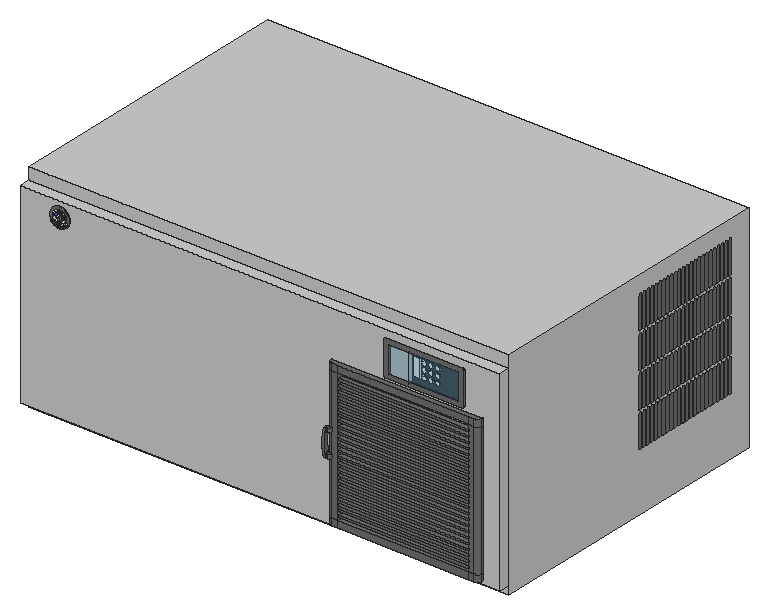
Revit family "QF_HOSHIZAKI_IM-240DPE_251030082052", category Specialty Equipment, Revit 2021
Family settings
  Round Connector Dimension = Use Diameter
  Part Type = Normal
  OmniClass Number = 23.40.40.14
  OmniClass Title = Food Service Equipment
  Work Plane-Based = No
  Always vertical = Yes
  Cut with Voids When Loaded = No
  Shared = No
  Room Calculation Point = No
Parameters (values of type "M120")
  Weight [instance] = 82.00 kg
  Waste Water Discharge Temperature [instance] = 0 °C
  Waste Remarks [instance] = ""
  Warranty Start Date [instance] = ""
  Warranty Duration [instance] = ""
  Volts [instance] = 230 V
  Volt Free Conn [instance] = no
  URL Recommended Spares List [instance] = ""
  URL Manufacturer [instance] = ""
  URL Cutsheet [instance] = ""
  URL Critical Spares List [instance] = ""
  URL = "www.hoshizaki-europe.com"
  Technical Documentation [instance] = ""
  Tag Number [instance] = ""
  Status [instance] = ""
  Start Up Current [instance] = 0 A
  Specification by User [instance] = ""
  Specification by Manufacturer [instance] = ""
  Sound Level [instance] = ""
  Show Logo [instance] = yes
  Show Clearances [instance] = yes
  Service Life Duration [instance] = ""
  Serial Number [instance] = ""
  Seismic Rating [instance] = ""
  SMACNA No [instance] = ""
  Revision Code [instance] = ""
  Revision [instance] = ""
  Production Year [instance] = ""
  Potential Equalisation [instance] = no
  Point Load [instance] = 0
  Plumbing Remarks [instance] = ""
  Plumbing Connection Type [instance] = ""
  Phase [instance] = 1
  Other Equipment Approvals [instance] = ""
  Operational Current [instance] = 0 A
  Odor Trap Included [instance] = no
  Number of Poles [instance] = 2
  No Load Power Draw [instance] = no
  National Water Regulation Certification [instance] = no
  NAFEM Spec ID Number [instance] = ""
  Model Warning [instance] = ""
  Model = "IM-240DPE"
  Min Ckt Ampacity [instance] = 0 A
  Max Overcurrent Protection [instance] = 16 A
  Masterspec [instance] = ""
  Manufacturer = "HOSHIZAKI"
  Main switch integrated [instance] = no
  Length Actual [instance] = 1084 mm
  Item Number [instance] = ""
  Installed By [instance] = ""
  Installation Date [instance] = ""
  Indirect Waste Size [instance] = 19.05 mm
  Indirect Waste Remarks [instance] = ""
  Indirect Waste Flow [instance] = 0.0 L/s
  Indirect Waste Connection Type [instance] = ""
  Indirect Waste Connection Height [instance] = 0 mm
  Identify Quantity as Lot [instance] = no
  ID [instance] = ""
  Hygiene Approval [instance] = ""
  Height Actual [instance] = 500 mm
  HP power [instance] = ""
  Furnished By [instance] = ""
  Foodservice Equipment Identifier [instance] = no
  FL Amps [instance] = 3.67 A
  Electrical Remarks [instance] = "Plug not included"
  Electric power [instance] = 840 W
  Electric Connection Type [instance] = "Cord&Plug"
  Elec Conn RI Height [instance] = 0 mm
  Elec Conn Connection Height [instance] = 0 mm
  ETL Approved [instance] = no
  Direct Waste Water Discharge Temperature [instance] = -273.15 °C
  Direct Waste Size [instance] = 19.05 mm
  Direct Waste RI Height [instance] = 0 mm
  Direct Waste Flow [instance] = 0.0 L/s
  Direct Waste Connection Height [instance] = 0 mm
  Description = "CUBE MODEL IS A MODULAR AND STACKABLE ICE MAKER PRODUCING UP TO 210 KG OF CUBE ICE PER 24 HOURS. THIS MODEL IS COMPATIBLE WITH HOSHIZAKI STORAGE BINS"
  Depth Actual [instance] = 700 mm
  Default Elevation = 0 mm
  Cycle [instance] = 50 Hz
  Cost = 7035
  Connection to energy optimisation system [instance] = yes
  Conn Plug [instance] = ""
  Conn Conduit [instance] = no
  Cold Water Temperature Recommended [instance] = 0 °C
  Cold Water Size [instance] = 19.05 mm
  Cold Water Remarks [instance] = ""
  Cold Water RI Height [instance] = 0 mm
  Cold Water Quality [instance] = ""
  Cold Water Minimum Pressure [instance] = 200000.0 Pa
  Cold Water Maximum Pressure [instance] = 600000.0 Pa
  Cold Water Flow [instance] = 0.0 L/s
  Cold Water Connection Type [instance] = ""
  Cold Water Connection Height [instance] = 0 mm
  Centralized building control system with digital interface [instance] = ""
  CSI MasterFormat [instance] = ""
  CE Approved [instance] = no
  Barcode [instance] = 0
  Author [instance] = ""
  Asset Identifier [instance] = ""
  Apparent Power [instance] = 840 VA
  Accessory [instance] = no
Reference planes
  plane 1 "Center (Front/Back)": y = 0
  plane 2: z = 0
  plane 3 "Center (Left/Right)": x = 0
Forms (mm)
  Extrusion 1, solid, not visible
    sketch origin (48.002, -2, 388.019) x (1, 0, 0) y (0, 1, 0)
      loop
        line (-2, 2) -> (-2, -2) -> (2, -2) -> (2, 2) -> (-2, 2)
    from -2 to 2
  Extrusion 2, solid, not visible
    sketch origin (70.003, -2, 52.003) x (1, 0, 0) y (0, 1, 0)
      loop
        line (-2, 2) -> (-2, -2) -> (2, -2) -> (2, 2) -> (-2, 2)
    from -2 to 2
  Extrusion 3, solid, not visible
    sketch origin (1040.051, -2, 374.018) x (1, 0, 0) y (0, 1, 0)
      loop
        line (-2, 2) -> (-2, -2) -> (2, -2) -> (2, 2) -> (-2, 2)
    from -2 to 2
Dimensions and locks
  locked: Extrusion 1 to nested 2
  locked: nested 2 to Extrusion 1 at 2
  locked: Extrusion 2 to nested 3
  locked: nested 3 to Extrusion 2 at 2
  locked: Extrusion 3 to nested 4
  locked: nested 4 to Extrusion 3 at 2
  aligned and locked: level to plane 2
Nested families
  nested 1: "QF_HOSHIZAKI_IM-240DPE_2920" at (0, 0, 0), type "M120"
    with Weight 82.00 kg, Warranty Start Date "", Warranty Duration "", URL Cutsheet "", Technical Documentation "", Tag Number "", Status "", Specification by User "", Specification by Manufacturer "", Sound Level "", Solid Fuel Type "", Show Logo yes, Show Clearances yes, Service Life Duration "", Serial Number "", Seismic Rating "", SMACNA No "", Revision Code "", Revision "", Production Year "", Point Load 0, Other Equipment Approvals "", NAFEM Spec ID Number "", Model Warning "", Masterspec "", Length Actual 1084 mm, Item Number "", Installed By "", Installation Date "", Identify Quantity as Lot yes, ID "", Hygiene Approval "", Height Actual 500 mm, Furnished By "", Foodservice Equipment Identifier yes, ETL Approved yes, Depth Actual 700 mm, CSI MasterFormat "", CE Approved yes, Barcode "", Asset Identifier "", Accessory no
  nested 2: "CONN_POINT_COLDWATER_2D___Generic_Annotation" at (48.002, 0, 388.019), type "CONN_POINT_COLDWATER_2D___Generic_Annotation"
    with Onboard connection annotation symbol visibility yes
  nested 3: "CONN_POINT_DRAIN_2D___Generic_Annotation" at (70.003, 0, 52.003), type "CONN_POINT_DRAIN_2D___Generic_Annotation"
    with Onboard connection annotation symbol visibility yes
  nested 4: "CONN_POINT_ELE_2D___Generic_Annotation" at (1040.051, 0, 374.018), type "CONN_POINT_ELE_2D___Generic_Annotation"
    with Onboard connection annotation symbol visibility yes
Connectors
  piping at (48.002, 0, 388.019), diameter 19.05, driven by "Cold Water Size", driven by "Cold Water Flow"
    settings: on Extrusion 1, index 1, connector inside diameter 609.6 mm, connector length 0 mm, flow factor 0, pipe flow 0.0 L/s, pressure drop 0.0 Pa, fitting loss kfactor 0, connector angle 0.00°, fixture units 0, engagement length 0 mm, angle of deflection 0.00°, flow configuration 1, flow direction 1, fitting loss method 0, system type 20, joint type 0, gender type 0, connector reference index -1, connector utility 0, adjustable connector no, is connector primary yes, connector description "Cold Water connection for IM-240DPE"
  piping at (70.003, 0, 52.003), diameter 19.05, driven by "Indirect Waste Size", driven by "Direct Waste Flow"
    settings: on Extrusion 2, index 2, connector inside diameter 609.6 mm, connector length 0 mm, flow factor 0, pipe flow 0.0 L/s, pressure drop 0.0 Pa, fitting loss kfactor 0, connector angle 0.00°, fixture units 0, engagement length 0 mm, angle of deflection 0.00°, flow configuration 1, flow direction 2, fitting loss method 0, system type 16, joint type 0, gender type 0, connector reference index -1, connector utility 0, adjustable connector no, is connector primary no, connector description "Waste connection for IM-240DPE"
  electrical at (1040.051, 0, 374.018), driven by "Apparent Power", driven by "Number of Poles", driven by "Volts"
    settings: on Extrusion 3, index 3, voltage 230 V, apparent load 0 VA, apparent load phase1 840 VA, apparent load phase2 0 VA, apparent load phase3 0 VA, power factor 1, load classification "Other", number of poles 2, system type 31, power factor state 1, is connector primary yes, connector utility no, sub classification motor no, connector description "Electrical connection for IM-240DPE"
Definition of nested family "QF_HOSHIZAKI_IM-240DPE_2920"
  Parameters (values of type "M120-D002")
    Weight [instance] = 0.00 kg
    Warranty Start Date [instance] = ""
    Warranty Duration [instance] = ""
    URL Cutsheet [instance] = ""
    URL = "www.hoshizaki-europe.com"
    Technical Documentation [instance] = ""
    Tag Number [instance] = ""
    Status [instance] = ""
    Specification by User [instance] = ""
    Specification by Manufacturer [instance] = ""
    Sound Level [instance] = ""
    Solid Fuel Type [instance] = ""
    Show Logo [instance] = yes
    Show Clearances [instance] = yes
    Service Life Duration [instance] = ""
    Serial Number [instance] = ""
    Seismic Rating [instance] = ""
    SMACNA No [instance] = ""
    Revision Code [instance] = ""
    Revision [instance] = ""
    Production Year [instance] = ""
    Point Load [instance] = 0
    Other Equipment Approvals [instance] = ""
    NAFEM Spec ID Number [instance] = ""
    Model Warning [instance] = ""
    Model = "IM-240DPE-23"
    Masterspec [instance] = ""
    Manufacturer = "HOSHIZAKI"
    Length Actual [instance] = 0 mm
    Item Number [instance] = ""
    Installed By [instance] = ""
    Installation Date [instance] = ""
    Identify Quantity as Lot [instance] = yes
    ID [instance] = ""
    Hygiene Approval [instance] = ""
    Height Actual [instance] = 0 mm
    Furnished By [instance] = ""
    Foodservice Equipment Identifier [instance] = yes
    ETL Approved [instance] = yes
    Description = "CUBE MODEL IS A MODULAR AND STACKABLE ICE MAKER PRODUCING UP TO 180 KG OF CUBE ICE PER 24 HOURS. THIS MODEL IS COMPATIBLE WITH HOSHIZAKI STORAGE BINS"
    Depth Actual [instance] = 0 mm
    Default Elevation = 0 mm
    CSI MasterFormat [instance] = ""
    CE Approved [instance] = yes
    Barcode [instance] = ""
    Author = "SPECIFI"
    Asset Identifier [instance] = ""
    Assembly Code = "E1090320"
    Accessory [instance] = yes
  Types (12, lengths in mm): name | Model | Description
    M120 | "IM-240DPE" | "CUBE MODEL IS A MODULAR AND STACKABLE ICE MAKER PRODUCING UP TO 210 KG OF CUBE ICE PER 24 HOURS. THIS MODEL IS COMPATIBLE WITH HOSHIZAKI STORAGE BINS"
    M120-D001 | "IM-240XPE" | "CUBE MODEL IS A MODULAR AND STACKABLE (EXTENSION) ICE MAKER PRODUCING UP TO 210 KG OF CUBE ICE PER 24 HOURS. THIS MODEL IS COMPATIBLE WITH HOSHIZAKI STORAGE BINS"
    M120-D002 | "IM-240DPE-23" | "CUBE MODEL IS A MODULAR AND STACKABLE ICE MAKER PRODUCING UP TO 180 KG OF CUBE ICE PER 24 HOURS. THIS MODEL IS COMPATIBLE WITH HOSHIZAKI STORAGE BINS"
    M120-D003 | "IM-240DPE-32" | "CUBE MODEL IS A MODULAR AND STACKABLE ICE MAKER PRODUCING UP TO 190 KG OF CUBE ICE PER 24 HOURS. THIS MODEL IS COMPATIBLE WITH HOSHIZAKI STORAGE BINS"
    M120-D004 | "IM-240XPE-23" | "CUBE MODEL IS A MODULAR AND STACKABLE (EXTENSION) ICE MAKER PRODUCING UP TO 180 KG OF CUBE ICE PER 24 HOURS. THIS MODEL IS COMPATIBLE WITH HOSHIZAKI STORAGE BINS"
    M120-D005 | "IM-240XPE-32" | "CUBE MODEL IS A MODULAR AND STACKABLE (EXTENSION) ICE MAKER PRODUCING UP TO 190 KG OF CUBE ICE PER 24 HOURS. THIS MODEL IS COMPATIBLE WITH HOSHIZAKI STORAGE BINS"
    M120-D200 | "IM-240DPE-U" | "ULTRACUBE MODEL IS A MODULAR AND STACKABLE ICE MAKER WITH UVC SANITIZATION FUNCTION PRODUCING UP TO 210 KG OF CUBE ICE PER 24 HOURS. THIS MODEL IS COMPATIBLE WITH HOSHIZAKI STORAGE BINS"
    M120-D201 | "IM-240XPE-U" | "ULTRACUBE MODEL IS A MODULAR AND STACKABLE (EXTENSION) ICE MAKER WITH UVC SANITIZATION FUNCTION PRODUCING UP TO 210 KG OF CUBE ICE PER 24 HOURS. THIS MODEL IS COMPATIBLE WITH HOSHIZAKI STORAGE BINS"
    M120-D202 | "IM-240DPE-U-23" | "ULTRACUBE MODEL IS A MODULAR AND STACKABLE ICE MAKER WITH UVC SANITIZATION FUNCTION PRODUCING UP TO 180 KG OF CUBE ICE PER  24 HOURS. THIS MODEL IS COMPATIBLE WITH HOSHIZAKI STORAGE BINS"
    M120-D203 | "IM-240DPE-U-32" | "ULTRACUBE MODEL IS A MODULAR AND STACKABLE ICE MAKER WITH UVC SANITIZATION FUNCTION PRODUCING UP TO 190 KG OF CUBE ICE PER 24 HOURS. THIS MODEL IS COMPATIBLE WITH HOSHIZAKI STORAGE BINS"
    M120-D204 | "IM-240XPE-U-23" | "ULTRACUBE MODEL IS A MODULAR AND STACKABLE (EXTENSION) ICE MAKER WITH UVC SANITIZATION FUNCTION PRODUCING UP TO 180 KG OF CUBE ICE PER 24 HOURS. THIS MODEL IS COMPATIBLE WITH HOSHIZAKI STORAGE BINS"
    M120-D205 | "IM-240XPE-U-32" | "ULTRACUBE MODEL IS A MODULAR AND STACKABLE (EXTENSION) ICE MAKER WITH UVC SANITIZATION FUNCTION PRODUCING UP TO 190 KG OF CUBE ICE PER 24 HOURS. THIS MODEL IS COMPATIBLE WITH HOSHIZAKI STORAGE BINS"
  Reference planes
    plane 1 "Back": y = 0
    plane 2: z = 0
    plane 3 "Left": x = 0
    plane 4 "Right": x = 1083.5
    plane 5 "Front": y = -700
    plane 6 "Top": z = 484.5
  Forms (mm)
    Extrusion 1, solid
      sketch origin (792, -700, 165.965) x (0, 0, -1) y (1, 0, 0)
        loop
          arc (-274.035, 35.5) -> (-272.863, 32.672) -> (-270.035, 31.5) r 4
          line (-270.035, 31.5) -> (-198.035, 31.5)
          arc (-198.035, 31.5) -> (-195.208, 32.671) -> (-194.037, 35.498) r 3.998
          line (-194.037, 35.498) -> (-194.037, 207.502)
          arc (-194.037, 207.502) -> (-195.208, 210.329) -> (-198.035, 211.5) r 3.998
          line (-198.035, 211.5) -> (-270.035, 211.5)
          arc (-270.035, 211.5) -> (-272.863, 210.328) -> (-274.035, 207.5) r 4
          line (-274.035, 207.5) -> (-274.035, 35.5)
        loop
          arc (-264.624, 43.446) -> (-264.326, 42.728) -> (-263.609, 42.431) r 1.015
          line (-263.609, 42.431) -> (-204.466, 42.431)
          arc (-204.466, 42.431) -> (-203.748, 42.728) -> (-203.451, 43.446) r 1.015
          line (-203.451, 43.446) -> (-203.451, 199.554)
          arc (-203.451, 199.554) -> (-203.74, 200.252) -> (-204.437, 200.541) r 0.987
          line (-204.437, 200.541) -> (-263.637, 200.541)
          arc (-263.637, 200.541) -> (-264.335, 200.252) -> (-264.624, 199.554) r 0.987
          line (-264.624, 199.554) -> (-264.624, 43.446)
      from 0 to 2
    Extrusion 2, solid
      sketch origin (792, -700, 734.481) x (0, 0, -1) y (1, 0, 0)
        loop
          arc (304.879, 200.541) -> (304.181, 200.252) -> (303.892, 199.554) r 0.987
          line (303.892, 199.554) -> (303.892, 43.446)
          arc (303.892, 43.446) -> (304.189, 42.728) -> (304.907, 42.431) r 1.015
          line (304.907, 42.431) -> (364.05, 42.431)
          arc (364.05, 42.431) -> (364.768, 42.728) -> (365.065, 43.446) r 1.015
          line (365.065, 43.446) -> (365.065, 199.554)
          arc (365.065, 199.554) -> (364.776, 200.252) -> (364.078, 200.541) r 0.987
          line (364.078, 200.541) -> (304.879, 200.541)
      from 0 to 2
    Extrusion 3, solid
      sketch origin (748.866, -692.5, 663.239) x (0, 0, -1) y (1, 0, 0)
        loop
          circle (248.239, 189.635) r 5
        loop
          circle (248.239, 174.635) r 5
        loop
          circle (248.239, 159.635) r 5
        loop
          circle (263.238, 189.635) r 5
        loop
          circle (263.238, 174.635) r 5
        loop
          circle (263.238, 159.635) r 5
        loop
          circle (278.238, 189.635) r 5
        loop
          circle (278.238, 174.635) r 5
        loop
          circle (278.238, 159.635) r 5
        loop
          line (243.239, 149.635) -> (243.239, 134.635) -> (283.238, 134.635) -> (283.238, 149.635) -> (243.239, 149.635)
      from 1 to 2
    Extrusion 4, void
      sketch origin (301.535, -692.5, 93.977) x (1, 0, 0) y (0, 0, 1)
        loop
          line (576.965, 341.023) -> (576.965, 271.025) -> (696.965, 271.025) -> (696.965, 341.023) -> (576.965, 341.023)
      from 0 to 12
    Extrusion 5, solid
      sketch origin (792, -692.5, 515.873) x (0, 0, -1) y (1, 0, 0)
        loop
          line (150.871, 206.5) -> (80.873, 206.5) -> (80.873, 86.5) -> (150.871, 86.5) -> (150.871, 206.5)
      from 0 to 1
    Extrusion 6, solid, visible <- "Show Logo"
      sketch origin (-2023.5, -705.5, -345) x (-1, 0, 0) y (0, 0, 1)
        loop
          circle (-2113.5, 769.5) r 13.99
      from 4.5 to 6
    Extrusion 7, solid, visible <- "Show Logo"
      sketch origin (-2023.5, -705.5, -345) x (-1, 0, 0) y (0, 0, 1)
        loop
          circle (-2113.5, 769.5) r 15
        loop
          line (-2126.5, 769.5) -> (-2120.846, 773.459) -> (-2118.907, 773.459) -> (-2118.036, 763.497) -> (-2119.632, 763.497) -> (-2117.808, 760.891) -> (-2122.091, 759.743)
          arc (-2122.091, 759.743) -> (-2112.99, 756.51) -> (-2104.171, 760.446) r 13
          line (-2104.171, 760.446) -> (-2111.913, 760.446) -> (-2113.024, 758.523) -> (-2117.6, 758.523) -> (-2113.951, 764.843) -> (-2112.168, 762.297) -> (-2110.969, 763.497) -> (-2112.161, 767.945) -> (-2112.983, 771.014) -> (-2114.045, 774.979) -> (-2115.629, 777.241) -> (-2111.344, 777.241) -> (-2110.01, 772.26) -> (-2108.361, 772.26) -> (-2107.029, 770.928) -> (-2104.038, 769.201) -> (-2103.03, 765.437) -> (-2100.604, 767.863)
          arc (-2100.604, 767.863) -> (-2112.68, 782.474) -> (-2126.5, 769.5) r 13
        loop
          arc (-2125.531, 764.467) -> (-2124.506, 762.602) -> (-2123.241, 760.891) r 15.828
          line (-2123.241, 760.891) -> (-2121.071, 768.926) -> (-2125.531, 764.467)
        loop
          line (-2109.801, 769.877) -> (-2109.801, 764.664) -> (-2108.483, 768.285) -> (-2106.744, 769.399) -> (-2109.801, 769.877)
        loop
          line (-2108.558, 762.979) -> (-2105.47, 762.035) -> (-2104.504, 761.224) -> (-2103.812, 761.916) -> (-2105.089, 763.908) -> (-2108.558, 762.979)
        loop
          line (-2110.775, 779.307) -> (-2108.457, 780.388) -> (-2110.775, 781.009) -> (-2110.775, 779.307)
        loop
          line (-2113.024, 781.662) -> (-2115.087, 781.11) -> (-2114.199, 779.205) -> (-2112.584, 779.638) -> (-2113.79, 780.335) -> (-2113.024, 781.662)
        loop
          line (-2113.762, 753.783) -> (-2114.844, 752.701) -> (-2116.385, 752.701) -> (-2115.329, 751.645) -> (-2115.642, 749.874) -> (-2113.762, 750.959) -> (-2111.881, 749.874) -> (-2112.194, 751.645) -> (-2111.138, 752.701) -> (-2112.679, 752.701) -> (-2113.762, 753.783)
        loop
          line (-2126.524, 760.7) -> (-2128.032, 760.965) -> (-2128.916, 762.228) -> (-2129.176, 760.757) -> (-2130.805, 759.997) -> (-2128.838, 759.08) -> (-2128.648, 756.917) -> (-2127.377, 758.188) -> (-2125.906, 757.929) -> (-2126.79, 759.191) -> (-2126.524, 760.7)
        loop
          line (-2120.989, 755.68) -> (-2122.45, 755.219) -> (-2123.816, 755.931) -> (-2123.367, 754.507) -> (-2124.462, 753.08) -> (-2122.293, 753.175) -> (-2121.127, 751.344) -> (-2120.586, 753.059) -> (-2119.162, 753.508) -> (-2120.529, 754.219) -> (-2120.989, 755.68)
        loop
          line (-2100.476, 760.7) -> (-2100.21, 759.191) -> (-2101.094, 757.929) -> (-2099.623, 758.188) -> (-2098.352, 756.917) -> (-2098.162, 759.08) -> (-2096.195, 759.997) -> (-2097.824, 760.757) -> (-2098.084, 762.228) -> (-2098.968, 760.965) -> (-2100.476, 760.7)
        loop
          line (-2106.011, 755.68) -> (-2106.471, 754.219) -> (-2107.838, 753.508) -> (-2106.414, 753.059) -> (-2105.873, 751.344) -> (-2104.707, 753.175) -> (-2102.538, 753.08) -> (-2103.633, 754.507) -> (-2103.184, 755.931) -> (-2104.55, 755.219) -> (-2106.011, 755.68)
      from 4 to 6
    Extrusion 8, solid, visible <- "Show Logo"
      sketch origin (-2023.5, -705.5, -345) x (-1, 0, 0) y (0, 0, 1)
        loop
          line (-2110.775, 781.009) -> (-2112.201, 782.435)
          arc (-2112.201, 782.435) -> (-2113.187, 782.496) -> (-2114.172, 782.435) r 8.046
          arc (-2114.172, 782.435) -> (-2116.517, 781.025) -> (-2117.04, 778.339) r 3.366
          line (-2117.04, 778.339) -> (-2118.907, 773.459) -> (-2117.808, 760.891) -> (-2119.436, 758.565) -> (-2117.576, 758.565) -> (-2113.951, 764.843) -> (-2112.168, 762.297) -> (-2110.969, 763.497) -> (-2114.045, 774.979) -> (-2115.629, 777.241) -> (-2111.299, 777.241) -> (-2110.775, 779.307) -> (-2110.775, 781.009)
        loop
          line (-2116.531, 758.523) -> (-2117.14, 757.468) -> (-2111.822, 757.468) -> (-2112.761, 758.407) -> (-2109.605, 758.407) -> (-2110.682, 759.485) -> (-2112.469, 759.485) -> (-2113.024, 758.523) -> (-2116.531, 758.523)
        loop
          line (-2113.024, 781.662) -> (-2115.087, 781.11) -> (-2114.199, 779.205) -> (-2112.584, 779.638) -> (-2113.79, 780.335) -> (-2113.024, 781.662)
      from 4 to 6
    Extrusion 9, solid, visible <- "Show Logo"
      sketch origin (-2023.5, -705.5, -345) x (-1, 0, 0) y (0, 0, 1)
        loop
          circle (-2113.5, 769.5) r 22.5
      from 5 to 7.5
    Extrusion 10, solid
      sketch origin (1066.159, 778.565, 0) x (1, 0, 0) y (0, 1, 0)
        loop
          line (-1066.159, -1453.565) -> (17.341, -1453.565) -> (17.341, -778.565) -> (-1066.159, -778.565) -> (-1066.159, -1453.565)
      from 0 to 484.5
    Extrusion 11, solid
      sketch origin (719, -246.9, 367.016) x (1, 0, 0) y (0, 1, 0)
        loop
          line (325.5, -453.1) -> (303.5, -453.1) -> (303.5, -465.393)
          arc (303.5, -465.393) -> (309.59, -465.197) -> (315.681, -465.034) r 1092.521
          arc (315.681, -465.034) -> (322.635, -462.042) -> (325.5, -455.034) r 10.002
          line (325.5, -455.034) -> (325.5, -453.1)
        loop
          line (-14.5, -453.1) -> (-14.5, -455.034)
          arc (-14.5, -455.034) -> (-11.635, -462.042) -> (-4.681, -465.034) r 10.002
          arc (-4.681, -465.034) -> (1.41, -465.197) -> (7.5, -465.393) r 1092.521
          line (7.5, -465.393) -> (7.5, -453.1) -> (-14.5, -453.1)
      from -326.266 to -27.766
    Extrusion 12, solid
      sketch origin (689, -246.9, 345.669) x (1, 0, 0) y (0, 1, 0)
        loop
          line (15.5, -453.1) -> (15.5, -455.034)
          arc (15.5, -455.034) -> (18.326, -462.002) -> (25.208, -465.032) r 10.002
          arc (25.208, -465.032) -> (31.354, -465.195) -> (37.5, -465.393) r 1092.521
          arc (37.5, -465.393) -> (185.5, -473.1) -> (333.5, -465.393) r 1424.956
          arc (333.5, -465.393) -> (339.646, -465.195) -> (345.792, -465.032) r 1092.521
          arc (345.792, -465.032) -> (352.674, -462.002) -> (355.5, -455.034) r 10.002
          line (355.5, -455.034) -> (355.5, -453.1) -> (15.5, -453.1)
      from -6.419 to 8.581
    Extrusion 13, solid
      sketch origin (693, -249.137, 323.492) x (1, 0, 0) y (0, 1, 0)
        loop
          line (33.5, -450.863) -> (33.5, -463.156)
          arc (33.5, -463.156) -> (181.5, -470.863) -> (329.5, -463.156) r 1424.956
          line (329.5, -463.156) -> (329.5, -450.863) -> (33.5, -450.863)
      from 0 to 5
    Extrusion 14, solid
      sketch origin (1781.412, -254.32, -81.6) x (0.981627, 0.190809, 0) y (0, 0, 1)
        loop
          arc (-1151.197, 298.873) -> (-1152.843, 274.1) -> (-1151.197, 249.327) r 187.231
          arc (-1151.197, 249.327) -> (-1149.194, 245.591) -> (-1145.226, 244.1) r 6.024
          line (-1145.226, 244.1) -> (-1145.226, 250.998)
          arc (-1145.226, 250.998) -> (-1146.248, 251.278) -> (-1146.611, 252.274) r 1.156
          arc (-1146.611, 252.274) -> (-1148.006, 274.246) -> (-1146.611, 296.218) r 173.751
          arc (-1146.611, 296.218) -> (-1146.134, 297.014) -> (-1145.226, 297.202) r 1.156
          line (-1145.226, 297.202) -> (-1145.226, 304.1)
          arc (-1145.226, 304.1) -> (-1149.194, 302.609) -> (-1151.197, 298.873) r 6.024
      from 240.648 to 249.648
    Extrusion 15, solid
      sketch origin (512.556, -197.237, -81.6) x (1, 0, 0) y (0, 1, 0)
        loop
          line (190.589, -511.828) -> (192.306, -520.663) -> (196.664, -519.816)
          arc (196.664, -519.816) -> (200.688, -515.7) -> (199.045, -510.184) r 5.675
          line (199.045, -510.184) -> (190.589, -511.828)
      from 297.227 to 304.1
    Extrusion 16, solid
      sketch origin (512.556, -197.237, -134.727) x (1, 0, 0) y (0, 1, 0)
        loop
          line (190.589, -511.828) -> (192.306, -520.663) -> (196.664, -519.816)
          arc (196.664, -519.816) -> (200.688, -515.7) -> (199.045, -510.184) r 5.675
          line (199.045, -510.184) -> (190.589, -511.828)
      from 297.227 to 304.1
    Extrusion 17, solid
      sketch origin (-793.685, 95.52, 630) x (1, 0, 0) y (0, 1, 0)
        loop
          line (1876.685, -770.52) -> (794.685, -770.52) -> (794.685, -795.52) -> (1876.685, -795.52) -> (1876.685, -770.52)
      from -612 to -172
    Extrusion 18, solid
      sketch origin (1084, -889.067, 239.54) x (0, -1, 0) y (0, 0, 1)
        loop
          arc (-579.567, 204.442) -> (-583.067, 207.942) -> (-586.567, 204.442) r 3.5
          line (-586.567, 204.442) -> (-586.567, 136.498)
          arc (-586.567, 136.498) -> (-583.067, 132.998) -> (-579.567, 136.498) r 3.5
          line (-579.567, 136.498) -> (-579.567, 204.442)
        loop
          arc (-590.567, 204.442) -> (-594.067, 207.942) -> (-597.567, 204.442) r 3.5
          line (-597.567, 204.442) -> (-597.567, 136.498)
          arc (-597.567, 136.498) -> (-594.067, 132.998) -> (-590.567, 136.498) r 3.5
          line (-590.567, 136.498) -> (-590.567, 204.442)
        loop
          arc (-601.567, 204.442) -> (-605.067, 207.942) -> (-608.567, 204.442) r 3.5
          line (-608.567, 204.442) -> (-608.567, 136.498)
          arc (-608.567, 136.498) -> (-605.067, 132.998) -> (-601.567, 136.498) r 3.5
          line (-601.567, 136.498) -> (-601.567, 204.442)
        loop
          arc (-612.567, 204.442) -> (-616.067, 207.942) -> (-619.567, 204.442) r 3.5
          line (-619.567, 204.442) -> (-619.567, 136.498)
          arc (-619.567, 136.498) -> (-616.067, 132.998) -> (-612.567, 136.498) r 3.5
          line (-612.567, 136.498) -> (-612.567, 204.442)
        loop
          arc (-623.567, 204.442) -> (-627.067, 207.942) -> (-630.567, 204.442) r 3.5
          line (-630.567, 204.442) -> (-630.567, 136.498)
          arc (-630.567, 136.498) -> (-627.067, 132.998) -> (-623.567, 136.498) r 3.5
          line (-623.567, 136.498) -> (-623.567, 204.442)
        loop
          arc (-634.567, 204.442) -> (-638.067, 207.942) -> (-641.567, 204.442) r 3.5
          line (-641.567, 204.442) -> (-641.567, 136.498)
          arc (-641.567, 136.498) -> (-638.067, 132.998) -> (-634.567, 136.498) r 3.5
          line (-634.567, 136.498) -> (-634.567, 204.442)
        loop
          arc (-645.567, 204.442) -> (-649.067, 207.942) -> (-652.567, 204.442) r 3.5
          line (-652.567, 204.442) -> (-652.567, 136.498)
          arc (-652.567, 136.498) -> (-649.067, 132.998) -> (-645.567, 136.498) r 3.5
          line (-645.567, 136.498) -> (-645.567, 204.442)
        loop
          arc (-656.567, 204.442) -> (-660.067, 207.942) -> (-663.567, 204.442) r 3.5
          line (-663.567, 204.442) -> (-663.567, 136.498)
          arc (-663.567, 136.498) -> (-660.067, 132.998) -> (-656.567, 136.498) r 3.5
          line (-656.567, 136.498) -> (-656.567, 204.442)
        loop
          arc (-667.567, 204.442) -> (-671.067, 207.942) -> (-674.567, 204.442) r 3.5
          line (-674.567, 204.442) -> (-674.567, 136.498)
          arc (-674.567, 136.498) -> (-671.067, 132.998) -> (-667.567, 136.498) r 3.5
          line (-667.567, 136.498) -> (-667.567, 204.442)
        loop
          arc (-678.567, 204.442) -> (-682.067, 207.942) -> (-685.567, 204.442) r 3.5
          line (-685.567, 204.442) -> (-685.567, 136.498)
          arc (-685.567, 136.498) -> (-682.067, 132.998) -> (-678.567, 136.498) r 3.5
          line (-678.567, 136.498) -> (-678.567, 204.442)
        loop
          arc (-689.567, 204.442) -> (-693.067, 207.942) -> (-696.567, 204.442) r 3.5
          line (-696.567, 204.442) -> (-696.567, 136.498)
          arc (-696.567, 136.498) -> (-693.067, 132.998) -> (-689.567, 136.498) r 3.5
          line (-689.567, 136.498) -> (-689.567, 204.442)
        loop
          arc (-700.567, 204.442) -> (-704.067, 207.942) -> (-707.567, 204.442) r 3.5
          line (-707.567, 204.442) -> (-707.567, 136.498)
          arc (-707.567, 136.498) -> (-704.067, 132.998) -> (-700.567, 136.498) r 3.5
          line (-700.567, 136.498) -> (-700.567, 204.442)
        loop
          arc (-711.567, 204.442) -> (-715.067, 207.942) -> (-718.567, 204.442) r 3.5
          line (-718.567, 204.442) -> (-718.567, 136.498)
          arc (-718.567, 136.498) -> (-715.067, 132.998) -> (-711.567, 136.498) r 3.5
          line (-711.567, 136.498) -> (-711.567, 204.442)
        loop
          arc (-722.567, 204.442) -> (-726.067, 207.942) -> (-729.567, 204.442) r 3.5
          line (-729.567, 204.442) -> (-729.567, 136.498)
          arc (-729.567, 136.498) -> (-726.067, 132.998) -> (-722.567, 136.498) r 3.5
          line (-722.567, 136.498) -> (-722.567, 204.442)
        loop
          arc (-733.567, 204.442) -> (-737.067, 207.942) -> (-740.567, 204.442) r 3.5
          line (-740.567, 204.442) -> (-740.567, 136.498)
          arc (-740.567, 136.498) -> (-737.067, 132.998) -> (-733.567, 136.498) r 3.5
          line (-733.567, 136.498) -> (-733.567, 204.442)
        loop
          arc (-744.567, 204.442) -> (-748.067, 207.942) -> (-751.567, 204.442) r 3.5
          line (-751.567, 204.442) -> (-751.567, 136.498)
          arc (-751.567, 136.498) -> (-748.067, 132.998) -> (-744.567, 136.498) r 3.5
          line (-744.567, 136.498) -> (-744.567, 204.442)
        loop
          arc (-755.567, 204.442) -> (-759.067, 207.942) -> (-762.567, 204.442) r 3.5
          line (-762.567, 204.442) -> (-762.567, 136.498)
          arc (-762.567, 136.498) -> (-759.067, 132.998) -> (-755.567, 136.498) r 3.5
          line (-755.567, 136.498) -> (-755.567, 204.442)
        loop
          arc (-766.567, 204.442) -> (-770.067, 207.942) -> (-773.567, 204.442) r 3.5
          line (-773.567, 204.442) -> (-773.567, 136.498)
          arc (-773.567, 136.498) -> (-770.067, 132.998) -> (-766.567, 136.498) r 3.5
          line (-766.567, 136.498) -> (-766.567, 204.442)
        loop
          arc (-777.567, 204.442) -> (-781.067, 207.942) -> (-784.567, 204.442) r 3.5
          line (-784.567, 204.442) -> (-784.567, 136.498)
          arc (-784.567, 136.498) -> (-781.067, 132.998) -> (-777.567, 136.498) r 3.5
          line (-777.567, 136.498) -> (-777.567, 204.442)
        loop
          arc (-788.567, 204.442) -> (-792.067, 207.942) -> (-795.567, 204.442) r 3.5
          line (-795.567, 204.442) -> (-795.567, 136.498)
          arc (-795.567, 136.498) -> (-792.067, 132.998) -> (-788.567, 136.498) r 3.5
          line (-788.567, 136.498) -> (-788.567, 204.442)
        loop
          arc (-799.567, 204.442) -> (-803.067, 207.942) -> (-806.567, 204.442) r 3.5
          line (-806.567, 204.442) -> (-806.567, 136.498)
          arc (-806.567, 136.498) -> (-803.067, 132.998) -> (-799.567, 136.498) r 3.5
          line (-799.567, 136.498) -> (-799.567, 204.442)
        loop
          arc (-810.567, 204.442) -> (-814.067, 207.942) -> (-817.567, 204.442) r 3.5
          line (-817.567, 204.442) -> (-817.567, 136.498)
          arc (-817.567, 136.498) -> (-814.067, 132.998) -> (-810.567, 136.498) r 3.5
          line (-810.567, 136.498) -> (-810.567, 204.442)
        loop
          arc (-821.567, 204.442) -> (-825.067, 207.942) -> (-828.567, 204.442) r 3.5
          line (-828.567, 204.442) -> (-828.567, 136.498)
          arc (-828.567, 136.498) -> (-825.067, 132.998) -> (-821.567, 136.498) r 3.5
          line (-821.567, 136.498) -> (-821.567, 204.442)
        loop
          arc (-832.567, 204.442) -> (-836.067, 207.942) -> (-839.567, 204.442) r 3.5
          line (-839.567, 204.442) -> (-839.567, 136.498)
          arc (-839.567, 136.498) -> (-836.067, 132.998) -> (-832.567, 136.498) r 3.5
          line (-832.567, 136.498) -> (-832.567, 204.442)
        loop
          arc (-579.567, 124.442) -> (-583.067, 127.942) -> (-586.567, 124.442) r 3.5
          line (-586.567, 124.442) -> (-586.567, 56.498)
          arc (-586.567, 56.498) -> (-583.067, 52.998) -> (-579.567, 56.498) r 3.5
          line (-579.567, 56.498) -> (-579.567, 124.442)
        loop
          arc (-590.567, 124.442) -> (-594.067, 127.942) -> (-597.567, 124.442) r 3.5
          line (-597.567, 124.442) -> (-597.567, 56.498)
          arc (-597.567, 56.498) -> (-594.067, 52.998) -> (-590.567, 56.498) r 3.5
          line (-590.567, 56.498) -> (-590.567, 124.442)
        loop
          arc (-601.567, 124.442) -> (-605.067, 127.942) -> (-608.567, 124.442) r 3.5
          line (-608.567, 124.442) -> (-608.567, 56.498)
          arc (-608.567, 56.498) -> (-605.067, 52.998) -> (-601.567, 56.498) r 3.5
          line (-601.567, 56.498) -> (-601.567, 124.442)
        loop
          arc (-612.567, 124.442) -> (-616.067, 127.942) -> (-619.567, 124.442) r 3.5
          line (-619.567, 124.442) -> (-619.567, 56.498)
          arc (-619.567, 56.498) -> (-616.067, 52.998) -> (-612.567, 56.498) r 3.5
          line (-612.567, 56.498) -> (-612.567, 124.442)
        loop
          arc (-623.567, 124.442) -> (-627.067, 127.942) -> (-630.567, 124.442) r 3.5
          line (-630.567, 124.442) -> (-630.567, 56.498)
          arc (-630.567, 56.498) -> (-627.067, 52.998) -> (-623.567, 56.498) r 3.5
          line (-623.567, 56.498) -> (-623.567, 124.442)
        loop
          arc (-634.567, 124.442) -> (-638.067, 127.942) -> (-641.567, 124.442) r 3.5
          line (-641.567, 124.442) -> (-641.567, 56.498)
          arc (-641.567, 56.498) -> (-638.067, 52.998) -> (-634.567, 56.498) r 3.5
          line (-634.567, 56.498) -> (-634.567, 124.442)
        loop
          arc (-645.567, 124.442) -> (-649.067, 127.942) -> (-652.567, 124.442) r 3.5
          line (-652.567, 124.442) -> (-652.567, 56.498)
          arc (-652.567, 56.498) -> (-649.067, 52.998) -> (-645.567, 56.498) r 3.5
          line (-645.567, 56.498) -> (-645.567, 124.442)
        loop
          arc (-656.567, 124.442) -> (-660.067, 127.942) -> (-663.567, 124.442) r 3.5
          line (-663.567, 124.442) -> (-663.567, 56.498)
          arc (-663.567, 56.498) -> (-660.067, 52.998) -> (-656.567, 56.498) r 3.5
          line (-656.567, 56.498) -> (-656.567, 124.442)
        loop
          arc (-667.567, 124.442) -> (-671.067, 127.942) -> (-674.567, 124.442) r 3.5
          line (-674.567, 124.442) -> (-674.567, 56.498)
          arc (-674.567, 56.498) -> (-671.067, 52.998) -> (-667.567, 56.498) r 3.5
          line (-667.567, 56.498) -> (-667.567, 124.442)
        loop
          arc (-678.567, 124.442) -> (-682.067, 127.942) -> (-685.567, 124.442) r 3.5
          line (-685.567, 124.442) -> (-685.567, 56.498)
          arc (-685.567, 56.498) -> (-682.067, 52.998) -> (-678.567, 56.498) r 3.5
          line (-678.567, 56.498) -> (-678.567, 124.442)
        loop
          arc (-689.567, 124.442) -> (-693.067, 127.942) -> (-696.567, 124.442) r 3.5
          line (-696.567, 124.442) -> (-696.567, 56.498)
          arc (-696.567, 56.498) -> (-693.067, 52.998) -> (-689.567, 56.498) r 3.5
          line (-689.567, 56.498) -> (-689.567, 124.442)
        loop
          arc (-700.567, 124.442) -> (-704.067, 127.942) -> (-707.567, 124.442) r 3.5
          line (-707.567, 124.442) -> (-707.567, 56.498)
          arc (-707.567, 56.498) -> (-704.067, 52.998) -> (-700.567, 56.498) r 3.5
          line (-700.567, 56.498) -> (-700.567, 124.442)
        loop
          arc (-711.567, 124.442) -> (-715.067, 127.942) -> (-718.567, 124.442) r 3.5
          line (-718.567, 124.442) -> (-718.567, 56.498)
          arc (-718.567, 56.498) -> (-715.067, 52.998) -> (-711.567, 56.498) r 3.5
          line (-711.567, 56.498) -> (-711.567, 124.442)
        loop
          arc (-722.567, 124.442) -> (-726.067, 127.942) -> (-729.567, 124.442) r 3.5
          line (-729.567, 124.442) -> (-729.567, 56.498)
          arc (-729.567, 56.498) -> (-726.067, 52.998) -> (-722.567, 56.498) r 3.5
          line (-722.567, 56.498) -> (-722.567, 124.442)
        loop
          arc (-733.567, 124.442) -> (-737.067, 127.942) -> (-740.567, 124.442) r 3.5
          line (-740.567, 124.442) -> (-740.567, 56.498)
          arc (-740.567, 56.498) -> (-737.067, 52.998) -> (-733.567, 56.498) r 3.5
          line (-733.567, 56.498) -> (-733.567, 124.442)
        loop
          arc (-744.567, 124.442) -> (-748.067, 127.942) -> (-751.567, 124.442) r 3.5
          line (-751.567, 124.442) -> (-751.567, 56.498)
          arc (-751.567, 56.498) -> (-748.067, 52.998) -> (-744.567, 56.498) r 3.5
          line (-744.567, 56.498) -> (-744.567, 124.442)
        loop
          arc (-755.567, 124.442) -> (-759.067, 127.942) -> (-762.567, 124.442) r 3.5
          line (-762.567, 124.442) -> (-762.567, 56.498)
          arc (-762.567, 56.498) -> (-759.067, 52.998) -> (-755.567, 56.498) r 3.5
          line (-755.567, 56.498) -> (-755.567, 124.442)
        loop
          arc (-766.567, 124.442) -> (-770.067, 127.942) -> (-773.567, 124.442) r 3.5
          line (-773.567, 124.442) -> (-773.567, 56.498)
          arc (-773.567, 56.498) -> (-770.067, 52.998) -> (-766.567, 56.498) r 3.5
          line (-766.567, 56.498) -> (-766.567, 124.442)
        loop
          arc (-777.567, 124.442) -> (-781.067, 127.942) -> (-784.567, 124.442) r 3.5
          line (-784.567, 124.442) -> (-784.567, 56.498)
          arc (-784.567, 56.498) -> (-781.067, 52.998) -> (-777.567, 56.498) r 3.5
          line (-777.567, 56.498) -> (-777.567, 124.442)
        loop
          arc (-788.567, 124.442) -> (-792.067, 127.942) -> (-795.567, 124.442) r 3.5
          line (-795.567, 124.442) -> (-795.567, 56.498)
          arc (-795.567, 56.498) -> (-792.067, 52.998) -> (-788.567, 56.498) r 3.5
          line (-788.567, 56.498) -> (-788.567, 124.442)
        loop
          arc (-799.567, 124.442) -> (-803.067, 127.942) -> (-806.567, 124.442) r 3.5
          line (-806.567, 124.442) -> (-806.567, 56.498)
          arc (-806.567, 56.498) -> (-803.067, 52.998) -> (-799.567, 56.498) r 3.5
          line (-799.567, 56.498) -> (-799.567, 124.442)
        loop
          arc (-810.567, 124.442) -> (-814.067, 127.942) -> (-817.567, 124.442) r 3.5
          line (-817.567, 124.442) -> (-817.567, 56.498)
          arc (-817.567, 56.498) -> (-814.067, 52.998) -> (-810.567, 56.498) r 3.5
          line (-810.567, 56.498) -> (-810.567, 124.442)
        loop
          arc (-821.567, 124.442) -> (-825.067, 127.942) -> (-828.567, 124.442) r 3.5
          line (-828.567, 124.442) -> (-828.567, 56.498)
          arc (-828.567, 56.498) -> (-825.067, 52.998) -> (-821.567, 56.498) r 3.5
          line (-821.567, 56.498) -> (-821.567, 124.442)
        loop
          arc (-832.567, 124.442) -> (-836.067, 127.942) -> (-839.567, 124.442) r 3.5
          line (-839.567, 124.442) -> (-839.567, 56.498)
          arc (-839.567, 56.498) -> (-836.067, 52.998) -> (-832.567, 56.498) r 3.5
          line (-832.567, 56.498) -> (-832.567, 124.442)
        loop
          arc (-579.567, 44.442) -> (-583.067, 47.942) -> (-586.567, 44.442) r 3.5
          line (-586.567, 44.442) -> (-586.567, -23.502)
          arc (-586.567, -23.502) -> (-583.067, -27.002) -> (-579.567, -23.502) r 3.5
          line (-579.567, -23.502) -> (-579.567, 44.442)
        loop
          arc (-590.567, 44.442) -> (-594.067, 47.942) -> (-597.567, 44.442) r 3.5
          line (-597.567, 44.442) -> (-597.567, -23.502)
          arc (-597.567, -23.502) -> (-594.067, -27.002) -> (-590.567, -23.502) r 3.5
          line (-590.567, -23.502) -> (-590.567, 44.442)
        loop
          arc (-601.567, 44.442) -> (-605.067, 47.942) -> (-608.567, 44.442) r 3.5
          line (-608.567, 44.442) -> (-608.567, -23.502)
          arc (-608.567, -23.502) -> (-605.067, -27.002) -> (-601.567, -23.502) r 3.5
          line (-601.567, -23.502) -> (-601.567, 44.442)
        loop
          arc (-612.567, 44.442) -> (-616.067, 47.942) -> (-619.567, 44.442) r 3.5
          line (-619.567, 44.442) -> (-619.567, -23.502)
          arc (-619.567, -23.502) -> (-616.067, -27.002) -> (-612.567, -23.502) r 3.5
          line (-612.567, -23.502) -> (-612.567, 44.442)
        loop
          arc (-623.567, 44.442) -> (-627.067, 47.942) -> (-630.567, 44.442) r 3.5
          line (-630.567, 44.442) -> (-630.567, -23.502)
          arc (-630.567, -23.502) -> (-627.067, -27.002) -> (-623.567, -23.502) r 3.5
          line (-623.567, -23.502) -> (-623.567, 44.442)
        loop
          arc (-634.567, 44.442) -> (-638.067, 47.942) -> (-641.567, 44.442) r 3.5
          line (-641.567, 44.442) -> (-641.567, -23.502)
          arc (-641.567, -23.502) -> (-638.067, -27.002) -> (-634.567, -23.502) r 3.5
          line (-634.567, -23.502) -> (-634.567, 44.442)
        loop
          arc (-645.567, 44.442) -> (-649.067, 47.942) -> (-652.567, 44.442) r 3.5
          line (-652.567, 44.442) -> (-652.567, -23.502)
          arc (-652.567, -23.502) -> (-649.067, -27.002) -> (-645.567, -23.502) r 3.5
          line (-645.567, -23.502) -> (-645.567, 44.442)
        loop
          arc (-656.567, 44.442) -> (-660.067, 47.942) -> (-663.567, 44.442) r 3.5
          line (-663.567, 44.442) -> (-663.567, -23.502)
          arc (-663.567, -23.502) -> (-660.067, -27.002) -> (-656.567, -23.502) r 3.5
          line (-656.567, -23.502) -> (-656.567, 44.442)
        loop
          arc (-667.567, 44.442) -> (-671.067, 47.942) -> (-674.567, 44.442) r 3.5
          line (-674.567, 44.442) -> (-674.567, -23.502)
          arc (-674.567, -23.502) -> (-671.067, -27.002) -> (-667.567, -23.502) r 3.5
          line (-667.567, -23.502) -> (-667.567, 44.442)
        loop
          arc (-678.567, 44.442) -> (-682.067, 47.942) -> (-685.567, 44.442) r 3.5
          line (-685.567, 44.442) -> (-685.567, -23.502)
          arc (-685.567, -23.502) -> (-682.067, -27.002) -> (-678.567, -23.502) r 3.5
          line (-678.567, -23.502) -> (-678.567, 44.442)
        loop
          arc (-689.567, 44.442) -> (-693.067, 47.942) -> (-696.567, 44.442) r 3.5
          line (-696.567, 44.442) -> (-696.567, -23.502)
          arc (-696.567, -23.502) -> (-693.067, -27.002) -> (-689.567, -23.502) r 3.5
          line (-689.567, -23.502) -> (-689.567, 44.442)
        loop
          arc (-700.567, 44.442) -> (-704.067, 47.942) -> (-707.567, 44.442) r 3.5
          line (-707.567, 44.442) -> (-707.567, -23.502)
          arc (-707.567, -23.502) -> (-704.067, -27.002) -> (-700.567, -23.502) r 3.5
          line (-700.567, -23.502) -> (-700.567, 44.442)
        loop
          arc (-711.567, 44.442) -> (-715.067, 47.942) -> (-718.567, 44.442) r 3.5
          line (-718.567, 44.442) -> (-718.567, -23.502)
          arc (-718.567, -23.502) -> (-715.067, -27.002) -> (-711.567, -23.502) r 3.5
          line (-711.567, -23.502) -> (-711.567, 44.442)
        loop
          arc (-722.567, 44.442) -> (-726.067, 47.942) -> (-729.567, 44.442) r 3.5
          line (-729.567, 44.442) -> (-729.567, -23.502)
          arc (-729.567, -23.502) -> (-726.067, -27.002) -> (-722.567, -23.502) r 3.5
          line (-722.567, -23.502) -> (-722.567, 44.442)
        loop
          arc (-733.567, 44.442) -> (-737.067, 47.942) -> (-740.567, 44.442) r 3.5
          line (-740.567, 44.442) -> (-740.567, -23.502)
          arc (-740.567, -23.502) -> (-737.067, -27.002) -> (-733.567, -23.502) r 3.5
          line (-733.567, -23.502) -> (-733.567, 44.442)
        loop
          arc (-744.567, 44.442) -> (-748.067, 47.942) -> (-751.567, 44.442) r 3.5
          line (-751.567, 44.442) -> (-751.567, -23.502)
          arc (-751.567, -23.502) -> (-748.067, -27.002) -> (-744.567, -23.502) r 3.5
          line (-744.567, -23.502) -> (-744.567, 44.442)
        loop
          arc (-755.567, 44.442) -> (-759.067, 47.942) -> (-762.567, 44.442) r 3.5
          line (-762.567, 44.442) -> (-762.567, -23.502)
          arc (-762.567, -23.502) -> (-759.067, -27.002) -> (-755.567, -23.502) r 3.5
          line (-755.567, -23.502) -> (-755.567, 44.442)
        loop
          arc (-766.567, 44.442) -> (-770.067, 47.942) -> (-773.567, 44.442) r 3.5
          line (-773.567, 44.442) -> (-773.567, -23.502)
          arc (-773.567, -23.502) -> (-770.067, -27.002) -> (-766.567, -23.502) r 3.5
          line (-766.567, -23.502) -> (-766.567, 44.442)
        loop
          arc (-777.567, 44.442) -> (-781.067, 47.942) -> (-784.567, 44.442) r 3.5
          line (-784.567, 44.442) -> (-784.567, -23.502)
          arc (-784.567, -23.502) -> (-781.067, -27.002) -> (-777.567, -23.502) r 3.5
          line (-777.567, -23.502) -> (-777.567, 44.442)
        loop
          arc (-788.567, 44.442) -> (-792.067, 47.942) -> (-795.567, 44.442) r 3.5
          line (-795.567, 44.442) -> (-795.567, -23.502)
          arc (-795.567, -23.502) -> (-792.067, -27.002) -> (-788.567, -23.502) r 3.5
          line (-788.567, -23.502) -> (-788.567, 44.442)
        loop
          arc (-799.567, 44.442) -> (-803.067, 47.942) -> (-806.567, 44.442) r 3.5
          line (-806.567, 44.442) -> (-806.567, -23.502)
          arc (-806.567, -23.502) -> (-803.067, -27.002) -> (-799.567, -23.502) r 3.5
          line (-799.567, -23.502) -> (-799.567, 44.442)
        loop
          arc (-810.567, 44.442) -> (-814.067, 47.942) -> (-817.567, 44.442) r 3.5
          line (-817.567, 44.442) -> (-817.567, -23.502)
          arc (-817.567, -23.502) -> (-814.067, -27.002) -> (-810.567, -23.502) r 3.5
          line (-810.567, -23.502) -> (-810.567, 44.442)
        loop
          arc (-821.567, 44.442) -> (-825.067, 47.942) -> (-828.567, 44.442) r 3.5
          line (-828.567, 44.442) -> (-828.567, -23.502)
          arc (-828.567, -23.502) -> (-825.067, -27.002) -> (-821.567, -23.502) r 3.5
          line (-821.567, -23.502) -> (-821.567, 44.442)
        loop
          arc (-832.567, 44.442) -> (-836.067, 47.942) -> (-839.567, 44.442) r 3.5
          line (-839.567, 44.442) -> (-839.567, -23.502)
          arc (-839.567, -23.502) -> (-836.067, -27.002) -> (-832.567, -23.502) r 3.5
          line (-832.567, -23.502) -> (-832.567, 44.442)
        loop
          arc (-579.567, -35.558) -> (-583.067, -32.058) -> (-586.567, -35.558) r 3.5
          line (-586.567, -35.558) -> (-586.567, -103.502)
          arc (-586.567, -103.502) -> (-583.067, -107.002) -> (-579.567, -103.502) r 3.5
          line (-579.567, -103.502) -> (-579.567, -35.558)
        loop
          arc (-590.567, -35.558) -> (-594.067, -32.058) -> (-597.567, -35.558) r 3.5
          line (-597.567, -35.558) -> (-597.567, -103.502)
          arc (-597.567, -103.502) -> (-594.067, -107.002) -> (-590.567, -103.502) r 3.5
          line (-590.567, -103.502) -> (-590.567, -35.558)
        loop
          arc (-601.567, -35.558) -> (-605.067, -32.058) -> (-608.567, -35.558) r 3.5
          line (-608.567, -35.558) -> (-608.567, -103.502)
          arc (-608.567, -103.502) -> (-605.067, -107.002) -> (-601.567, -103.502) r 3.5
          line (-601.567, -103.502) -> (-601.567, -35.558)
        loop
          arc (-612.567, -35.558) -> (-616.067, -32.058) -> (-619.567, -35.558) r 3.5
          line (-619.567, -35.558) -> (-619.567, -103.502)
          arc (-619.567, -103.502) -> (-616.067, -107.002) -> (-612.567, -103.502) r 3.5
          line (-612.567, -103.502) -> (-612.567, -35.558)
        loop
          arc (-623.567, -35.558) -> (-627.067, -32.058) -> (-630.567, -35.558) r 3.5
          line (-630.567, -35.558) -> (-630.567, -103.502)
          arc (-630.567, -103.502) -> (-627.067, -107.002) -> (-623.567, -103.502) r 3.5
          line (-623.567, -103.502) -> (-623.567, -35.558)
        loop
          arc (-634.567, -35.558) -> (-638.067, -32.058) -> (-641.567, -35.558) r 3.5
          line (-641.567, -35.558) -> (-641.567, -103.502)
          arc (-641.567, -103.502) -> (-638.067, -107.002) -> (-634.567, -103.502) r 3.5
          line (-634.567, -103.502) -> (-634.567, -35.558)
        loop
          arc (-645.567, -35.558) -> (-649.067, -32.058) -> (-652.567, -35.558) r 3.5
          line (-652.567, -35.558) -> (-652.567, -103.502)
          arc (-652.567, -103.502) -> (-649.067, -107.002) -> (-645.567, -103.502) r 3.5
          line (-645.567, -103.502) -> (-645.567, -35.558)
        loop
          arc (-656.567, -35.558) -> (-660.067, -32.058) -> (-663.567, -35.558) r 3.5
          line (-663.567, -35.558) -> (-663.567, -103.502)
          arc (-663.567, -103.502) -> (-660.067, -107.002) -> (-656.567, -103.502) r 3.5
          line (-656.567, -103.502) -> (-656.567, -35.558)
        loop
          arc (-667.567, -35.558) -> (-671.067, -32.058) -> (-674.567, -35.558) r 3.5
          line (-674.567, -35.558) -> (-674.567, -103.502)
          arc (-674.567, -103.502) -> (-671.067, -107.002) -> (-667.567, -103.502) r 3.5
          line (-667.567, -103.502) -> (-667.567, -35.558)
        loop
          arc (-678.567, -35.558) -> (-682.067, -32.058) -> (-685.567, -35.558) r 3.5
          line (-685.567, -35.558) -> (-685.567, -103.502)
          arc (-685.567, -103.502) -> (-682.067, -107.002) -> (-678.567, -103.502) r 3.5
          line (-678.567, -103.502) -> (-678.567, -35.558)
        loop
          arc (-689.567, -35.558) -> (-693.067, -32.058) -> (-696.567, -35.558) r 3.5
          line (-696.567, -35.558) -> (-696.567, -103.502)
          arc (-696.567, -103.502) -> (-693.067, -107.002) -> (-689.567, -103.502) r 3.5
          line (-689.567, -103.502) -> (-689.567, -35.558)
        loop
          arc (-700.567, -35.558) -> (-704.067, -32.058) -> (-707.567, -35.558) r 3.5
          line (-707.567, -35.558) -> (-707.567, -103.502)
          arc (-707.567, -103.502) -> (-704.067, -107.002) -> (-700.567, -103.502) r 3.5
          line (-700.567, -103.502) -> (-700.567, -35.558)
        loop
          arc (-711.567, -35.558) -> (-715.067, -32.058) -> (-718.567, -35.558) r 3.5
          line (-718.567, -35.558) -> (-718.567, -103.502)
          arc (-718.567, -103.502) -> (-715.067, -107.002) -> (-711.567, -103.502) r 3.5
          line (-711.567, -103.502) -> (-711.567, -35.558)
        loop
          arc (-722.567, -35.558) -> (-726.067, -32.058) -> (-729.567, -35.558) r 3.5
          line (-729.567, -35.558) -> (-729.567, -103.502)
          arc (-729.567, -103.502) -> (-726.067, -107.002) -> (-722.567, -103.502) r 3.5
          line (-722.567, -103.502) -> (-722.567, -35.558)
        loop
          arc (-733.567, -35.558) -> (-737.067, -32.058) -> (-740.567, -35.558) r 3.5
          line (-740.567, -35.558) -> (-740.567, -103.502)
          arc (-740.567, -103.502) -> (-737.067, -107.002) -> (-733.567, -103.502) r 3.5
          line (-733.567, -103.502) -> (-733.567, -35.558)
        loop
          arc (-744.567, -35.558) -> (-748.067, -32.058) -> (-751.567, -35.558) r 3.5
          line (-751.567, -35.558) -> (-751.567, -103.502)
          arc (-751.567, -103.502) -> (-748.067, -107.002) -> (-744.567, -103.502) r 3.5
          line (-744.567, -103.502) -> (-744.567, -35.558)
        loop
          arc (-755.567, -35.558) -> (-759.067, -32.058) -> (-762.567, -35.558) r 3.5
          line (-762.567, -35.558) -> (-762.567, -103.502)
          arc (-762.567, -103.502) -> (-759.067, -107.002) -> (-755.567, -103.502) r 3.5
          line (-755.567, -103.502) -> (-755.567, -35.558)
        loop
          arc (-766.567, -35.558) -> (-770.067, -32.058) -> (-773.567, -35.558) r 3.5
          line (-773.567, -35.558) -> (-773.567, -103.502)
          arc (-773.567, -103.502) -> (-770.067, -107.002) -> (-766.567, -103.502) r 3.5
          line (-766.567, -103.502) -> (-766.567, -35.558)
        loop
          arc (-777.567, -35.558) -> (-781.067, -32.058) -> (-784.567, -35.558) r 3.5
          line (-784.567, -35.558) -> (-784.567, -103.502)
          arc (-784.567, -103.502) -> (-781.067, -107.002) -> (-777.567, -103.502) r 3.5
          line (-777.567, -103.502) -> (-777.567, -35.558)
        loop
          arc (-788.567, -35.558) -> (-792.067, -32.058) -> (-795.567, -35.558) r 3.5
          line (-795.567, -35.558) -> (-795.567, -103.502)
          arc (-795.567, -103.502) -> (-792.067, -107.002) -> (-788.567, -103.502) r 3.5
          line (-788.567, -103.502) -> (-788.567, -35.558)
        loop
          arc (-799.567, -35.558) -> (-803.067, -32.058) -> (-806.567, -35.558) r 3.5
          line (-806.567, -35.558) -> (-806.567, -103.502)
          arc (-806.567, -103.502) -> (-803.067, -107.002) -> (-799.567, -103.502) r 3.5
          line (-799.567, -103.502) -> (-799.567, -35.558)
        loop
          arc (-810.567, -35.558) -> (-814.067, -32.058) -> (-817.567, -35.558) r 3.5
          line (-817.567, -35.558) -> (-817.567, -103.502)
          arc (-817.567, -103.502) -> (-814.067, -107.002) -> (-810.567, -103.502) r 3.5
          line (-810.567, -103.502) -> (-810.567, -35.558)
        loop
          arc (-821.567, -35.558) -> (-825.067, -32.058) -> (-828.567, -35.558) r 3.5
          line (-828.567, -35.558) -> (-828.567, -103.502)
          arc (-828.567, -103.502) -> (-825.067, -107.002) -> (-821.567, -103.502) r 3.5
          line (-821.567, -103.502) -> (-821.567, -35.558)
        loop
          arc (-832.567, -35.558) -> (-836.067, -32.058) -> (-839.567, -35.558) r 3.5
          line (-839.567, -35.558) -> (-839.567, -103.502)
          arc (-839.567, -103.502) -> (-836.067, -107.002) -> (-832.567, -103.502) r 3.5
          line (-832.567, -103.502) -> (-832.567, -35.558)
      from 0 to 2
    Extrusion 19, solid
      sketch origin (689, -246.9, 32.169) x (1, 0, 0) y (0, 1, 0)
        loop
          line (15.5, -453.1) -> (15.5, -455.034)
          arc (15.5, -455.034) -> (18.326, -462.002) -> (25.208, -465.032) r 10.002
          arc (25.208, -465.032) -> (31.354, -465.195) -> (37.5, -465.393) r 1092.521
          arc (37.5, -465.393) -> (185.5, -473.1) -> (333.5, -465.393) r 1424.956
          arc (333.5, -465.393) -> (339.646, -465.195) -> (345.792, -465.032) r 1092.521
          arc (345.792, -465.032) -> (352.674, -462.002) -> (355.5, -455.034) r 10.002
          line (355.5, -455.034) -> (355.5, -453.1) -> (15.5, -453.1)
      from -6.419 to 8.581
    Extrusion 20, solid
      sketch origin (693, -249.137, 311.492) x (1, 0, 0) y (0, 1, 0)
        loop
          line (33.5, -450.863) -> (33.5, -463.156)
          arc (33.5, -463.156) -> (181.5, -470.863) -> (329.5, -463.156) r 1424.956
          line (329.5, -463.156) -> (329.5, -450.863) -> (33.5, -450.863)
      from 0 to 5
    Extrusion 21, solid
      sketch origin (693, -249.137, 299.492) x (1, 0, 0) y (0, 1, 0)
        loop
          line (33.5, -450.863) -> (33.5, -463.156)
          arc (33.5, -463.156) -> (181.5, -470.863) -> (329.5, -463.156) r 1424.956
          line (329.5, -463.156) -> (329.5, -450.863) -> (33.5, -450.863)
      from 0 to 5
    Extrusion 22, solid
      sketch origin (693, -249.137, 287.492) x (1, 0, 0) y (0, 1, 0)
        loop
          line (33.5, -450.863) -> (33.5, -463.156)
          arc (33.5, -463.156) -> (181.5, -470.863) -> (329.5, -463.156) r 1424.956
          line (329.5, -463.156) -> (329.5, -450.863) -> (33.5, -450.863)
      from 0 to 5
    Extrusion 23, solid
      sketch origin (693, -249.137, 275.492) x (1, 0, 0) y (0, 1, 0)
        loop
          line (33.5, -450.863) -> (33.5, -463.156)
          arc (33.5, -463.156) -> (181.5, -470.863) -> (329.5, -463.156) r 1424.956
          line (329.5, -463.156) -> (329.5, -450.863) -> (33.5, -450.863)
      from 0 to 5
    Extrusion 24, solid
      sketch origin (693, -249.137, 263.492) x (1, 0, 0) y (0, 1, 0)
        loop
          line (33.5, -450.863) -> (33.5, -463.156)
          arc (33.5, -463.156) -> (181.5, -470.863) -> (329.5, -463.156) r 1424.956
          line (329.5, -463.156) -> (329.5, -450.863) -> (33.5, -450.863)
      from 0 to 5
    Extrusion 25, solid
      sketch origin (693, -249.137, 251.492) x (1, 0, 0) y (0, 1, 0)
        loop
          line (33.5, -450.863) -> (33.5, -463.156)
          arc (33.5, -463.156) -> (181.5, -470.863) -> (329.5, -463.156) r 1424.956
          line (329.5, -463.156) -> (329.5, -450.863) -> (33.5, -450.863)
      from 0 to 5
    Extrusion 26, solid
      sketch origin (693, -249.137, 239.492) x (1, 0, 0) y (0, 1, 0)
        loop
          line (33.5, -450.863) -> (33.5, -463.156)
          arc (33.5, -463.156) -> (181.5, -470.863) -> (329.5, -463.156) r 1424.956
          line (329.5, -463.156) -> (329.5, -450.863) -> (33.5, -450.863)
      from 0 to 5
    Extrusion 27, solid
      sketch origin (693, -249.137, 227.492) x (1, 0, 0) y (0, 1, 0)
        loop
          line (33.5, -450.863) -> (33.5, -463.156)
          arc (33.5, -463.156) -> (181.5, -470.863) -> (329.5, -463.156) r 1424.956
          line (329.5, -463.156) -> (329.5, -450.863) -> (33.5, -450.863)
      from 0 to 5
    Extrusion 28, solid
      sketch origin (693, -249.137, 215.492) x (1, 0, 0) y (0, 1, 0)
        loop
          line (33.5, -450.863) -> (33.5, -463.156)
          arc (33.5, -463.156) -> (181.5, -470.863) -> (329.5, -463.156) r 1424.956
          line (329.5, -463.156) -> (329.5, -450.863) -> (33.5, -450.863)
      from 0 to 5
    Extrusion 29, solid
      sketch origin (693, -249.137, 203.492) x (1, 0, 0) y (0, 1, 0)
        loop
          line (33.5, -450.863) -> (33.5, -463.156)
          arc (33.5, -463.156) -> (181.5, -470.863) -> (329.5, -463.156) r 1424.956
          line (329.5, -463.156) -> (329.5, -450.863) -> (33.5, -450.863)
      from 0 to 5
    Extrusion 30, solid
      sketch origin (693, -249.137, 191.492) x (1, 0, 0) y (0, 1, 0)
        loop
          line (33.5, -450.863) -> (33.5, -463.156)
          arc (33.5, -463.156) -> (181.5, -470.863) -> (329.5, -463.156) r 1424.956
          line (329.5, -463.156) -> (329.5, -450.863) -> (33.5, -450.863)
      from 0 to 5
    Extrusion 31, solid
      sketch origin (693, -249.137, 179.492) x (1, 0, 0) y (0, 1, 0)
        loop
          line (33.5, -450.863) -> (33.5, -463.156)
          arc (33.5, -463.156) -> (181.5, -470.863) -> (329.5, -463.156) r 1424.956
          line (329.5, -463.156) -> (329.5, -450.863) -> (33.5, -450.863)
      from 0 to 5
    Extrusion 32, solid
      sketch origin (693, -249.137, 167.492) x (1, 0, 0) y (0, 1, 0)
        loop
          line (33.5, -450.863) -> (33.5, -463.156)
          arc (33.5, -463.156) -> (181.5, -470.863) -> (329.5, -463.156) r 1424.956
          line (329.5, -463.156) -> (329.5, -450.863) -> (33.5, -450.863)
      from 0 to 5
    Extrusion 33, solid
      sketch origin (693, -249.137, 155.492) x (1, 0, 0) y (0, 1, 0)
        loop
          line (33.5, -450.863) -> (33.5, -463.156)
          arc (33.5, -463.156) -> (181.5, -470.863) -> (329.5, -463.156) r 1424.956
          line (329.5, -463.156) -> (329.5, -450.863) -> (33.5, -450.863)
      from 0 to 5
    Extrusion 34, solid
      sketch origin (693, -249.137, 143.492) x (1, 0, 0) y (0, 1, 0)
        loop
          line (33.5, -450.863) -> (33.5, -463.156)
          arc (33.5, -463.156) -> (181.5, -470.863) -> (329.5, -463.156) r 1424.956
          line (329.5, -463.156) -> (329.5, -450.863) -> (33.5, -450.863)
      from 0 to 5
    Extrusion 35, solid
      sketch origin (693, -249.137, 131.492) x (1, 0, 0) y (0, 1, 0)
        loop
          line (33.5, -450.863) -> (33.5, -463.156)
          arc (33.5, -463.156) -> (181.5, -470.863) -> (329.5, -463.156) r 1424.956
